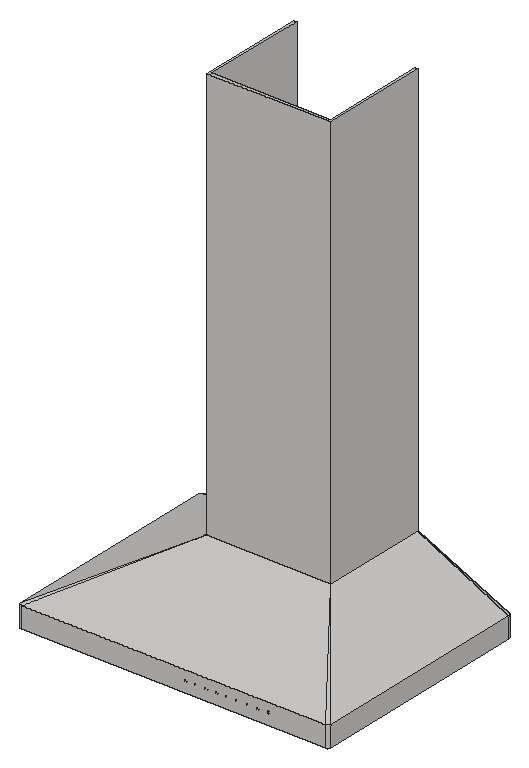
Revit family "M_Coifa-parede", category Equipamento especial, Revit 2019
Family settings
  Cota do conector redondo = Utilizar diâmetro
  Tipo de parte = Normal
  Número OmniClass = 23.40.40.14
  Título OmniClass = Food Service Equipment
  Com base no plano de trabalho = Não
  Sempre na vertical = Sim
  Corte com vazios quando carregada = Não
  Compartilhado = Não
  Ponto de cálculo do ambiente = Não
Parameters (values of type "750mm")
  Largura = 750 mm
  Voltagem = 120 V
  Diâmetro da ventilação = 150 mm
  Type Comments = ""
  Mostrar legenda = yes
  Consumo de energia = 300 VA
  Legenda = "Coifa de ventilação"
  Profundidade da carcaça = 50 mm
  Fluxo do exaustor = 283.168 L/s
  Descrição = "Coifa de parede"
  Largura da canaleta = 300 mm
  Linear = 550 mm
  Altura da canaleta [instance] = 1000 mm
  Profundidade da canaleta [instance] = 262.1 mm
  Código de montagem = "E1090320"
  Tela de ventilação = Eletrodoméstico – Tela de ventilação
  Acabamento do eletrodoméstico = Eletrodoméstico – Aço inoxidável
  Amperagem = Consumo de energia / Voltagem  # 2.5 A
Types (2, lengths in mm): name | Largura
  900mm | 900
  750mm | 750
Reference planes
  plane 1 "Frente da canaleta": y = 45.9
  plane 2: z = 0
  plane 3 "Centro (Esquerda/Direita)": x = 0
  plane 4 "Esquerda": x = -375
  plane 5 "Direita": x = 375
  plane 6 "Parte posterior": y = 308
  plane 7 "Aresta frontal": y = -242
  plane 8 "Canaleta B.O.": z = 152.4
  plane 9 "Forro": z = 1152.4
  plane 10: x = -150
  plane 11: x = 150
  plane 12 "Transição": z = 50
  plane 13 "Extensão da canaleta": z = 304.8
  plane 14: y = -115
  plane 15 "Luzes": y = -112.3
  plane 16: y = -496
Forms (mm)
  Extrusion 1, solid, material "Eletrodoméstico – Aço inoxidável" <- "Acabamento do eletrodoméstico"
    sketch origin (0, 0, 0) x (1, 0, 0) y (0, 1, 0)
      loop
        arc (-368.65, 308) -> (-373.14, 306.14) -> (-375, 301.65) r 6.35
        line (-375, 301.65) -> (-375, -235.65)
        arc (-375, -235.65) -> (-373.14, -240.14) -> (-368.65, -242) r 6.35
        line (-368.65, -242) -> (368.65, -242)
        arc (368.65, -242) -> (373.14, -240.14) -> (375, -235.65) r 6.35
        line (375, -235.65) -> (375, 301.65)
        arc (375, 301.65) -> (373.14, 306.14) -> (368.65, 308) r 6.35
        line (368.65, 308) -> (-368.65, 308)
      loop
        line (-324.2, 282.6) -> (-324.2, -197.3) -> (324.2, -197.3) -> (324.2, 282.6) -> (-324.2, 282.6)
    from 0 to 50
  Blend 2, solid, material "Eletrodoméstico – Aço inoxidável" <- "Acabamento do eletrodoméstico"
    base sketch origin (0, 0, 50) x (0, -1, 0) y (1, 0, 0)
      loop
        arc (-308, -368.65) -> (-306.14, -373.14) -> (-301.65, -375) r 6.35
        line (-301.65, -375) -> (235.65, -375)
        arc (235.65, -375) -> (240.14, -373.14) -> (242, -368.65) r 6.35
        line (242, -368.65) -> (242, 368.65)
        arc (242, 368.65) -> (240.14, 373.14) -> (235.65, 375) r 6.35
        line (235.65, 375) -> (-301.65, 375)
        arc (-301.65, 375) -> (-306.14, 373.14) -> (-308, 368.65) r 6.35
        line (-308, 368.65) -> (-308, -368.65)
    top sketch origin (0, 0, 50) x (0, -1, 0) y (1, 0, 0)
      loop
        line (-308, -150) -> (-45.9, -150) -> (-45.9, 150) -> (-308, 150) -> (-308, -150)
    from 0 to 102.4
  Extrusion 3, solid, material "Eletrodoméstico – Aço inoxidável" <- "Acabamento do eletrodoméstico"
    sketch origin (0, 0, 152.4) x (-1, 0, 0) y (0, -1, 0)
      loop
        line (150, -308) -> (150, -45.9) -> (-150, -45.9) -> (-150, -308) -> (-143.65, -308) -> (-143.65, -52.25) -> (143.65, -52.25) -> (143.65, -308) -> (150, -308)
    from 152.4 to 1000
  Extrusion 4, void
    sketch origin (0, -242, 0) x (-1, 0, 0) y (0, 0, 1)
      loop
        line (-25.951, 28.1) -> (-32.051, 28.1) -> (-32.051, 26) -> (-25.951, 26) -> (-25.951, 28.1)
      loop
        line (-50.951, 28.1) -> (-57.051, 28.1) -> (-57.051, 26) -> (-50.951, 26) -> (-50.951, 28.1)
      loop
        line (-75.951, 28.1) -> (-82.051, 28.1) -> (-82.051, 26) -> (-75.951, 26) -> (-75.951, 28.1)
      loop
        line (-100.951, 28.1) -> (-107.051, 28.1) -> (-107.051, 26) -> (-100.951, 26) -> (-100.951, 28.1)
      loop
        line (-125.951, 28.1) -> (-132.051, 28.1) -> (-132.051, 26) -> (-125.951, 26) -> (-125.951, 28.1)
      loop
        line (-150.951, 28.1) -> (-157.34, 28.1) -> (-157.34, 26) -> (-150.951, 26) -> (-150.951, 28.1)
      loop
        line (-200.951, 28.1) -> (-207.05, 28.1) -> (-207.05, 26) -> (-200.951, 26) -> (-200.951, 28.1)
      loop
        line (-226.051, 31.9) -> (-231.951, 31.9) -> (-231.951, 26) -> (-226.051, 26) -> (-226.051, 31.9)
    from 0 to 1.587
  Extrusion 5, void
    sketch origin (0, -242, 0) x (-1, 0, 0) y (0, 0, 1)
      loop
        line (-175.951, 28.1) -> (-182.051, 28.1) -> (-182.051, 26) -> (-175.951, 26) -> (-175.951, 28.1)
    from 0 to 1.587
  Extrusion 6, solid, material "Eletrodoméstico – Aço inoxidável" <- "Acabamento do eletrodoméstico"
    sketch origin (0, 0, 152.4) x (-1, 0, 0) y (0, -1, 0)
      loop
        line (150, -308) -> (150, -45.9) -> (-150, -45.9) -> (-150, -308) -> (150, -308)
    from 0 to 152.4
  Extrusion 7, solid, material "Eletrodoméstico – Tela de ventilação" <- "Tela de ventilação", detail levels medium+fine
    sketch origin (0, 0, 0) x (1, 0, 0) y (0, 1, 0)
      loop
        line (-324.2, 282.6) -> (-324.2, -188.5) -> (324.2, -188.5) -> (324.2, 282.6) -> (-324.2, 282.6)
      loop
        circle (-150, -115) r 38.1
      loop
        circle (150, -115) r 38.1
    from 25.4 to 38.1
  Extrusion 8, solid, material "Eletrodoméstico – Aço inoxidável" <- "Acabamento do eletrodoméstico", detail levels fine
    sketch origin (0, 308, 0) x (-1, 0, 0) y (0, 0, 1)
      loop
        line (25.4, 25.4) -> (-25.4, 25.4) -> (-25.4, 12.7) -> (25.4, 12.7) -> (25.4, 25.4)
    from -505.3 to -25.4
Cuts and joins
  Extrusion 4, Extrusion 5 cuts Extrusion 1
  joined: Extrusion 1, Blend 2, Extrusion 3, Extrusion 6
Lines and regions (mm)
  Split face 1
    outline origin (-150, 308, 304.8) x (-1, 0, 0) y (0, -1, 0)
      loop
        circle (-150, 131.05) r 75
  Split face 2
    outline origin (374.65, 308, 50.8) x (0, 0, -1) y (-1, 0, 0)
      loop
        circle (1.6, 373.65) r 12.7
  symbolic lines, style "Eletrodomésticos – Ocultos"
    curve 1: line (-150, 45.9, 152.4) -> (-150, 308, 152.4)
    curve 2: line (150, 45.9, 152.4) -> (-150, 45.9, 152.4)
    curve 3: line (150, 308, 152.4) -> (150, 45.9, 152.4)
    curve 4: line (-375, 308, 152.4) -> (375, 308, 152.4)
    curve 5: line (-375, 308, 152.4) -> (-375, -242, 152.4)
    curve 6: line (-375, -242, 152.4) -> (375, -242, 152.4)
    curve 7: line (375, 308, 152.4) -> (375, -242, 152.4)
    curve 8: line (-150, 45.9, 152.4) -> (-375, -242, 152.4)
    curve 9: line (150, 45.9, 152.4) -> (375, -242, 152.4)
Dimensions and locks
  equal spacing: plane 4 "Esquerda", plane 3 "Centro (Esquerda/Direita)", plane 5 "Direita"
  "Largura": plane 4 "Esquerda" to plane 5 "Direita"
  equal spacing: plane 11, plane 3 "Centro (Esquerda/Direita)", plane 10
  "Largura da canaleta": plane 11 to plane 10
  "Profundidade da canaleta": plane 6 "Parte posterior" to plane 1 "Frente da canaleta"
  "Altura da canaleta": plane 9 "Forro" to plane 8 "Canaleta B.O."
  locked: plane 8 "Canaleta B.O." to level at 152.4
  Extrusion 1 sketch curve to plane 5 "Direita" = 50.8 mm
  locked: plane 6 "Parte posterior" to Extrusion 1 sketch curve at 25.4
  Extrusion 1 sketch curve to plane 7 "Aresta frontal" = 44.7 mm
  locked: plane 4 "Esquerda" to Extrusion 1 sketch curve at 50.8
  locked: plane 13 "Extensão da canaleta" to plane 8 "Canaleta B.O." at 152.4
  equal spacing: plane 6 "Parte posterior", Split face 1 sketch curve, plane 1 "Frente da canaleta"
  "Diâmetro da ventilação": Split face 1 sketch curve to Split face 1 sketch curve
  locked: plane 14 to plane 7 "Aresta frontal" at 127
  Extrusion 7 to Extrusion 7 to level = 12.7 mm locked, 25.4 mm locked
  Extrusion 8 sketch curve to plane 3 "Centro (Esquerda/Direita)" to Extrusion 8 sketch curve = 25.4 mm locked, 25.4 mm locked
  Extrusion 8 sketch curve to Extrusion 8 sketch curve to level = 12.7 mm locked, 12.7 mm locked
  "Profundidade da carcaça": plane 12 "Transição" to level
  "Linear": plane 6 "Parte posterior" to plane 7 "Aresta frontal"
  locked: plane 15 "Luzes" to plane 7 "Aresta frontal" at 129.7
  locked: plane 7 "Aresta frontal" to plane 16 at 254
  aligned and locked: plane 2 to level
  aligned and locked: Extrusion 1 sketch curve to plane 6 "Parte posterior"
  aligned and locked: Extrusion 1 sketch curve to plane 5 "Direita"
  aligned and locked: plane 7 "Aresta frontal" to Extrusion 1 sketch curve
  aligned and locked: plane 4 "Esquerda" to Extrusion 1 sketch curve
  aligned and locked: Extrusion 1 to plane 12 "Transição"
  aligned and locked: Blend 2 sketch curve to Extrusion 1  (x4)
  aligned and locked: Blend 2 sketch curve to plane 6 "Parte posterior"
  aligned and locked: plane 10 to Blend 2 sketch curve
  aligned and locked: Blend 2 sketch curve to plane 1 "Frente da canaleta"
  aligned and locked: Blend 2 sketch curve to plane 11
  aligned and locked: plane 12 "Transição" to Blend 2
  aligned and locked: plane 8 "Canaleta B.O." to Blend 2
  aligned and locked: plane 6 "Parte posterior" to Extrusion 3 sketch curve  (x2)
  aligned and locked: plane 11 to Extrusion 3 sketch curve
  aligned and locked: plane 1 "Frente da canaleta" to Extrusion 3 sketch curve
  aligned and locked: Extrusion 3 sketch curve to plane 10
  aligned and locked: plane 9 "Forro" to Extrusion 3
  aligned and locked: Extrusion 6 sketch curve to plane 1 "Frente da canaleta"
  aligned and locked: Extrusion 6 sketch curve to plane 6 "Parte posterior"
  aligned and locked: plane 10 to Extrusion 6 sketch curve
  aligned and locked: Extrusion 6 sketch curve to plane 11
  aligned and locked: plane 13 "Extensão da canaleta" to Extrusion 6
  aligned and locked: Extrusion 3 to Extrusion 6
  aligned and locked: Extrusion 6 to plane 8 "Canaleta B.O."
  aligned and locked: plane 3 "Centro (Esquerda/Direita)" to Split face 1 sketch curve
  aligned and locked: plane 10 to Extrusion 7 sketch curve
  aligned and locked: plane 11 to Extrusion 7 sketch curve
  aligned and locked: plane 14 to Extrusion 7 sketch curve  (x2)
  aligned and locked: nested 3 to plane 15 "Luzes"
  aligned and locked: plane 10 to nested 3
  aligned and locked: plane 11 to nested 2
  aligned and locked: nested 2 to plane 15 "Luzes"
  aligned and locked: Extrusion 8 to cut or joined group of Extrusion 1, Blend 2, Extrusion 3, Extrusion 4, Extrusion 5, Extrusion 6  (x2)
  aligned and locked: plane 3 "Centro (Esquerda/Direita)" to nested 1
  aligned and locked: nested 1 to plane 16
  aligned and locked: curve 3 to plane 11
  aligned and locked: curve 2 to plane 1 "Frente da canaleta"
  aligned and locked: plane 10 to curve 1
  aligned and locked: Extrusion 4 to plane 7 "Aresta frontal"
  aligned and locked: Extrusion 5 to plane 7 "Aresta frontal"
  aligned and locked: curve 4 to plane 6 "Parte posterior"
  aligned and locked: curve 5 to plane 4 "Esquerda"
  aligned and locked: curve 6 to plane 7 "Aresta frontal"
  aligned and locked: curve 7 to plane 5 "Direita"
Automatic sketch dimensions
  plane 4 "Esquerda" to Extrusion 1 sketch curve = 6.35 mm  (x2)
  Extrusion 1 sketch curve to plane 5 "Direita" = 6.35 mm  (x2)
  plane 12 "Transição" to Extrusion 4 sketch curve = 18.1 mm
  plane 11 to Extrusion 4 sketch curve = 81.951 mm
  Extrusion 4 sketch curve to Extrusion 4 sketch curve = 5.9 mm  (x2)
  Extrusion 4 sketch curve to Extrusion 4 sketch curve = 19 mm
  Extrusion 4 sketch curve to Extrusion 4 sketch curve = 6.1 mm  (x6)
  plane 11 to Extrusion 4 sketch curve = 7.34 mm
  plane 11 to Extrusion 4 sketch curve = 0.951 mm
  Extrusion 4 sketch curve to plane 11 = 17.949 mm
  Extrusion 4 sketch curve to Extrusion 4 sketch curve = 18.9 mm  (x4)
  plane 12 "Transição" to Extrusion 4 sketch curve = 21.9 mm
  Extrusion 4 sketch curve to Extrusion 4 sketch curve = 0 mm  (x4)
  Extrusion 4 sketch curve to Extrusion 4 sketch curve = 3.8 mm
  Extrusion 4 sketch curve to Extrusion 4 sketch curve = 2.1 mm  (x7)
  plane 12 "Transição" to Extrusion 4 sketch curve = 24 mm
  plane 11 to Extrusion 5 sketch curve = 32.051 mm
  plane 11 to Extrusion 5 sketch curve = 25.951 mm
  plane 12 "Transição" to Extrusion 5 sketch curve = 24 mm
  Extrusion 5 sketch curve to Extrusion 5 sketch curve = 2.1 mm
  Extrusion 3 sketch curve to Extrusion 3 sketch curve = 6.35 mm
  plane 10 to Extrusion 3 sketch curve = 6.35 mm
  Extrusion 3 sketch curve to plane 1 "Frente da canaleta" = 6.35 mm
  cut or joined group of Extrusion 1, Blend 2, Extrusion 3, Extrusion 4, Extrusion 5, Extrusion 6 to Split face 2 sketch curve = 144.65 mm
  cut or joined group of Extrusion 1, Blend 2, Extrusion 3, Extrusion 4, Extrusion 5, Extrusion 6 to Split face 2 sketch curve = 0.8 mm
  plane 4 "Esquerda" to Extrusion 7 sketch curve = 50.8 mm
  Extrusion 7 sketch curve to plane 5 "Direita" = 50.8 mm
  plane 7 "Aresta frontal" to Extrusion 7 sketch curve = 53.5 mm
  Extrusion 7 sketch curve to plane 6 "Parte posterior" = 25.4 mm
  radius of Split face 2 sketch curve = 12.7 mm
  radius of Extrusion 7 sketch curve = 38.1 mm  (x2)
Nested families
  nested 1: "Anotação de legenda de 2,5" at (0, -496, 0), visible <- "Mostrar legenda", type "Anotação de legenda de 2,5"
  nested 2: "M_Luz da coifa" at (150, -112.3, 25.4), type "M_Luz da coifa", detail levels fine
  nested 3: "M_Luz da coifa" at (-150, -112.3, 25.4), type "M_Luz da coifa", detail levels fine
Connectors
  hvac at (0, 176.95, 304.8), driven by "Diâmetro da ventilação", driven by "Fluxo do exaustor"
    settings: on cut or joined group of Extrusion 1, Blend 2, Extrusion 3, Extrusion 4, Extrusion 5, Extrusion 6, index 1, duct flow 283.168 L/s, flow factor 0, pres drop 0.0 Pa, loss coef 0, conn angle 0.00°, conn width 304.8 mm, conn height 304.8 mm, conn diameter 150 mm, duct sys type 3, conn prof type 0, flow config 1, flow direction 2, loss method 0, conn ref index -1, conn util no, is conn primary yes, conn desc "Exaustão da coifa"
  electrical at (1, 308, 49.2), driven by "Voltagem", driven by "Consumo de energia"
    settings: on cut or joined group of Extrusion 1, Blend 2, Extrusion 3, Extrusion 4, Extrusion 5, Extrusion 6, index 2, voltage 120 V, apparent load 300 VA, apparent load phase1 0 VA, apparent load phase2 0 VA, apparent load phase3 0 VA, power factor 1, load classification "Eletrodoméstico", number of poles 1, system type 30, power factor state 1, is connector primary yes, connector utility no, sub classification motor no, connector description "Potência da coifa de ventilação"
Definition of nested family "M_Luz da coifa"
  Parameters (values of type "M_Luz da coifa")
    Wattage = 12.1178 W
    built-in parameter 1150110 = 1 (stored number, unit not read)
    built-in parameter 1114217 = 1 (stored number, unit not read)
    Tilt Angle = 90.00°
    built-in parameter 1150109 = 1 (stored number, unit not read)
    built-in parameter 1150134 = 5
    built-in parameter 1150113 = 1 (stored number, unit not read)
    built-in parameter 1010507 = 1.0472 (stored number, unit not read)
    built-in parameter 1010506 = 0.5236 (stored number, unit not read)
    Lumens = 1800 lm
    built-in parameter 1150115 = 1 (stored number, unit not read)
    built-in parameter 1150105 = 6018.4 (stored number, unit not read)
    Light Source Symbol Length = 900 mm
    Raio da luz = 40 mm
    built-in parameter 1150137 = (empty or 0)
    built-in parameter 1150139 = (empty or 0)
    Luminária = none
    built-in parameter 1150112 = 1 (stored number, unit not read)
    built-in parameter 1150114 = 1 (stored number, unit not read)
    Lamp = "LED"
    built-in parameter 1150132 = 2
    built-in parameter 1150102 = (empty or 0)
    built-in parameter 1150138 = (empty or 0)
    built-in parameter 1150107 = 6000 (stored number, unit not read)
    built-in parameter 1150106 = 60.184 (stored number, unit not read)
    built-in parameter 1150104 = 13.8 (stored number, unit not read)
    Dimming Lamp Color Temperature Shift = (empty or 0)
    Default Elevation = 1200 mm
    Color Filter = 16777215
    built-in parameter 1114218 = 1 (stored number, unit not read)
    built-in parameter 1150133 = 10 (stored number, unit not read)
  Reference planes
    plane 1 "Eixo de origem da luz (F/T)": y = 0
    plane 2: z = 0
    plane 3 "Eixo de origem da luz (E/D)": x = 0
    plane 4 "Elevação da origem da luz": z = -12.303
  Forms (mm)
    Revolve 1, solid, material <- "Luminária", detail levels medium+fine
      sketch origin (0, 0, 0) x (1, 0, 0) y (0, 0, 1)
        loop
          line (-40, 0) -> (-42.801, 0) -> (-42.801, -3.175)
          arc (-42.801, -3.175) -> (-41.214, -4.762) -> (-39.626, -3.175) r 1.588
          line (-39.626, -3.175) -> (0, -3.175) -> (0, 13.688) -> (-37.199, 13.688) -> (-40, 1.555) -> (-40, 0)
        axis (0, -3.175) -> (0, 13.688)
      angle from 0 to 360
  Dimensions and locks
    locked: level to imposter light at 12.303
    "Raio da luz": plane 3 "Eixo de origem da luz (E/D)" to Revolve 1 sketch curve
    equal spacing: Revolve 1 sketch curve, Revolve 1 sketch curve, Revolve 1 sketch curve
    aligned and locked: plane 1 "Eixo de origem da luz (F/T)" to imposter light
    aligned and locked: plane 4 "Elevação da origem da luz" to imposter light
    aligned and locked: level to plane 2
  Automatic sketch dimensions
    Revolve 1 sketch curve to level = 0 mm  (x2)
    Revolve 1 sketch curve to plane 3 "Eixo de origem da luz (E/D)" = 0 mm  (x2)
    Revolve 1 sketch curve to Revolve 1 sketch curve = 1.214 mm
    Revolve 1 sketch curve to Revolve 1 sketch curve = 2.801 mm
    Revolve 1 sketch curve to Revolve 1 sketch curve = 3.175 mm
    level to Revolve 1 sketch curve = 1.555 mm
    level to Revolve 1 sketch curve = 13.688 mm
    plane 4 "Elevação da origem da luz" to Revolve 1 sketch curve = 38.497 mm
Definition of nested family "Anotação de legenda de 2,5"
  Parameters
    Legenda = "Coifa de ventilação"
  Reference planes
    plane 1: y = 0
    plane 2: x = 0
  Text (mm)
    label "Legenda" at (0.095, -0.088, 0), shows "Legenda"
